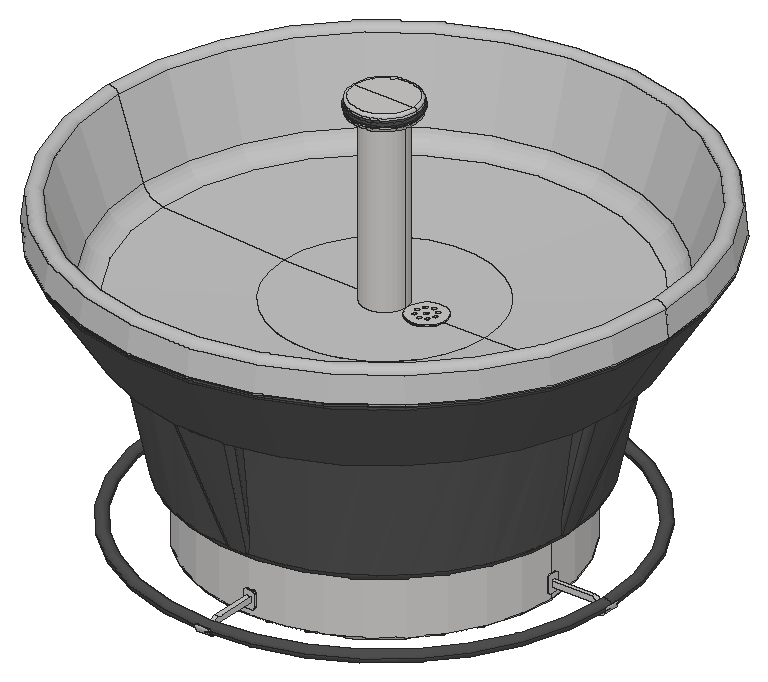
Revit family "Washfountain_Lavatory-Bradley_Corp-WF2808-Type_A_Drain", category Plumbing Fixtures, Revit 2012 (continued)
Automatic sketch dimensions
  Masking region 8 sketch curve to Masking region 8 sketch curve = 0.03075"  (x2)
  Masking region 8 sketch curve to Masking region 8 sketch curve = 0.05262"  (x4)
  Masking region 8 sketch curve to Masking region 8 sketch curve = 0.06777"  (x2)
  Masking region 8 sketch curve to curve 8 = 1.17907"
  Masking region 8 sketch curve to curve 8 = 0.84002"
  curve 8 to Masking region 8 sketch curve = 0.84002"
  curve 8 to Masking region 8 sketch curve = 1.17907"
  Masking region 8 sketch curve to Masking region 8 sketch curve = 1.96998"
  curve 8 to Masking region 8 sketch curve = 0.375"
  Masking region 8 sketch curve to curve 8 = 7.18965"
  Masking region 8 sketch curve to Masking region 8 sketch curve = 1.18965"
  Masking region 8 sketch curve to Masking region 8 sketch curve = 0.60673"  (x2)
  Masking region 8 sketch curve to Masking region 8 sketch curve = 1.250"  (x5)
  Masking region 8 sketch curve to Masking region 8 sketch curve = 0.64327"
  Masking region 8 sketch curve to Masking region 8 sketch curve = 0.625"
  curve 8 to curve 24 = 0.375"
  curve 24 to curve 8 = 3.1566"
  curve 19 to curve 24 = 0.000"  (x2)
  curve 19 to curve 20 = 0.17359"
  curve 20 to curve 21 = 0.05262"
  curve 21 to curve 22 = 0.05262"
  curve 22 to curve 23 = 0.06777"
  curve 8 to curve 23 = 2.810"
  curve 23 to curve 22 = 0.06777"
  curve 22 to curve 21 = 0.05262"
  curve 21 to curve 20 = 0.05262"
  curve 20 to curve 24 = 0.17359"
  curve 19 to curve 24 = 0.625"
  curve 20 to curve 19 = 0.64327"
  curve 21 to curve 20 = 1.250"
  curve 22 to curve 21 = 1.250"
  curve 23 to curve 22 = 1.250"
  Masking region 9 sketch curve to curve 3 = 0.000"
  Masking region 9 sketch curve to curve 3 = 0.12875"
  curve 3 to Masking region 9 sketch curve = 0.21498"
  curve 3 to Masking region 9 sketch curve = 0.215"
  Masking region 9 sketch curve to Masking region 9 sketch curve = 0.785"
  Masking region 9 sketch curve to curve 3 = 1.000"
  Masking region 9 sketch curve to curve 3 = 0.215"
  Masking region 9 sketch curve to curve 3 = 0.21498"
  curve 3 to Masking region 9 sketch curve = 0.12875"
  Masking region 9 sketch curve to curve 3 = 1.38998"  (x2)
  Masking region 9 sketch curve to curve 3 = 0.94498"  (x2)
  Masking region 9 sketch curve to curve 3 = 0.44498"  (x2)
  Masking region 10 sketch curve to curve 3 = 0.12875"
  Masking region 10 sketch curve to curve 3 = 0.035"  (x2)
  Masking region 10 sketch curve to curve 3 = 0.00002"
  curve 3 to Masking region 10 sketch curve = 0.215"  (x2)
  Masking region 10 sketch curve to Masking region 10 sketch curve = 0.785"
  Masking region 10 sketch curve to curve 3 = 1.000"
  Masking region 10 sketch curve to curve 3 = 0.215"  (x2)
  curve 3 to Masking region 10 sketch curve = 0.035"  (x2)
  Masking region 10 sketch curve to Masking region 10 sketch curve = 0.09375"
  Masking region 10 sketch curve to curve 3 = 1.38998"  (x2)
  Masking region 10 sketch curve to curve 3 = 0.94498"  (x2)
  Masking region 10 sketch curve to curve 3 = 0.53873"  (x2)
  Masking region 11 sketch curve to curve 4 = 0.000"
  Masking region 11 sketch curve to curve 4 = 0.12875"
  curve 4 to Masking region 11 sketch curve = 0.21498"
  curve 4 to Masking region 11 sketch curve = 0.215"
  Masking region 11 sketch curve to Masking region 11 sketch curve = 0.785"
  Masking region 11 sketch curve to curve 4 = 1.000"
  Masking region 11 sketch curve to curve 4 = 0.215"
  Masking region 11 sketch curve to curve 4 = 0.21498"
  curve 4 to Masking region 11 sketch curve = 0.12875"
  Masking region 11 sketch curve to curve 4 = 1.38998"  (x2)
  Masking region 11 sketch curve to curve 4 = 0.94498"  (x2)
  Masking region 11 sketch curve to curve 4 = 0.44498"  (x2)
  Masking region 12 sketch curve to curve 4 = 0.12875"
  Masking region 12 sketch curve to curve 4 = 0.035"  (x2)
  curve 4 to Masking region 12 sketch curve = 0.215"  (x2)
  Masking region 12 sketch curve to curve 4 = 0.00002"
  curve 4 to Masking region 12 sketch curve = 1.000"
  Masking region 12 sketch curve to curve 4 = 1.000"
  Masking region 12 sketch curve to curve 4 = 0.215"  (x2)
  curve 4 to Masking region 12 sketch curve = 0.035"  (x2)
  Masking region 12 sketch curve to Masking region 12 sketch curve = 0.09375"
  Masking region 12 sketch curve to curve 4 = 1.38998"  (x2)
  Masking region 12 sketch curve to curve 4 = 0.94498"  (x2)
  Masking region 12 sketch curve to curve 4 = 0.53873"  (x2)
  curve 37 to curve 4 = 0.12875"
  curve 32 to curve 4 = 0.12875"
  curve 36 to curve 4 = 0.035"
  curve 33 to curve 4 = 0.035"
  curve 4 to curve 38 = 1.000"
  curve 38 to curve 4 = 1.000"
  curve 4 to curve 35 = 0.035"
  curve 4 to curve 33 = 0.035"
  curve 33 to curve 34 = 0.09375"
  curve 35 to curve 35 = 0.09375"
  curve 38 to curve 4 = 1.38998"
  curve 37 to curve 4 = 0.94498"
  curve 34 to curve 4 = 0.44498"
  Revolve 7 sketch curve to curve 5 = 0.000"
  curve 5 to Revolve 7 sketch curve = 1.000"
  curve 5 to Revolve 7 sketch curve = 0.89718"
  Revolve 7 sketch curve to curve 5 = 0.64632"
  Revolve 7 sketch curve to Revolve 7 sketch curve = 0.17678"
  Revolve 7 sketch curve to Revolve 7 sketch curve = 0.000"  (x5)
  Revolve 7 sketch curve to Revolve 7 sketch curve = 0.60355"
  Revolve 7 sketch curve to Revolve 7 sketch curve = 0.176"
  curve 5 to Revolve 7 sketch curve = 0.34072"
  Revolve 7 sketch curve to curve 5 = 1.44037"
  Revolve 7 sketch curve to Revolve 7 sketch curve = 0.01575"
  Revolve 7 sketch curve to Revolve 7 sketch curve = 0.074"
  Revolve 7 sketch curve to Revolve 7 sketch curve = 0.0755"
  Revolve 7 sketch curve to curve 5 = 2.78252"
  Revolve 7 sketch curve to curve 5 = 39.99275"
  Revolve 7 sketch curve to Revolve 7 sketch curve = 0.07322"
  Revolve 7 sketch curve to Revolve 7 sketch curve = 0.60277"
  Revolve 7 sketch curve to Revolve 7 sketch curve = 0.22469"
  Revolve 7 sketch curve to Revolve 7 sketch curve = 1.19454"
  Revolve 8 sketch curve to curve 5 = 0.000"
  curve 5 to Revolve 8 sketch curve = 1.000"
  Revolve 8 sketch curve to curve 5 = 0.75025"
  Revolve 8 sketch curve to Revolve 8 sketch curve = 0.82512"  (x2)
  Revolve 8 sketch curve to Revolve 8 sketch curve = 0.000"
  Revolve 8 sketch curve to Revolve 8 sketch curve = 0.71918"
  Revolve 8 sketch curve to Revolve 8 sketch curve = 1.30001"
  Masking region 13 sketch curve to curve 5 = 0.000"
  Masking region 13 sketch curve to curve 5 = 1.5755"
  Masking region 13 sketch curve to curve 5 = 0.750"
  curve 5 to Masking region 13 sketch curve = 1.000"
  Masking region 13 sketch curve to curve 5 = 1.000"
  curve 5 to Masking region 13 sketch curve = 0.75025"
  curve 5 to Masking region 13 sketch curve = 1.57537"
  Masking region 13 sketch curve to Masking region 13 sketch curve = 0.8255"
  Masking region 13 sketch curve to Masking region 13 sketch curve = 0.82512"
  Masking region 14 sketch curve to curve 5 = 0.000"
  Masking region 14 sketch curve to curve 5 = 1.57537"
  Masking region 14 sketch curve to Masking region 14 sketch curve = 0.0755"  (x2)
  Masking region 14 sketch curve to Masking region 14 sketch curve = 0.11925"
  Masking region 14 sketch curve to Masking region 14 sketch curve = 0.000"  (x7)
  Masking region 14 sketch curve to Masking region 14 sketch curve = 0.01575"  (x2)
  Masking region 14 sketch curve to Masking region 14 sketch curve = 0.074"  (x2)
  Masking region 14 sketch curve to Masking region 14 sketch curve = 0.176"  (x2)
  Masking region 14 sketch curve to curve 5 = 0.82309"
  Masking region 14 sketch curve to Masking region 14 sketch curve = 0.17678"  (x2)
  curve 5 to Masking region 14 sketch curve = 0.89718"
  curve 5 to Masking region 14 sketch curve = 1.000"
  curve 5 to Masking region 14 sketch curve = 2.78252"
  Masking region 14 sketch curve to Masking region 14 sketch curve = 0.43497"
  Masking region 14 sketch curve to curve 5 = 1.000"
  Masking region 14 sketch curve to curve 5 = 0.89718"
  curve 5 to Masking region 14 sketch curve = 0.64632"
  Masking region 14 sketch curve to Masking region 14 sketch curve = 0.60355"
  curve 5 to Masking region 14 sketch curve = 0.34072"
  curve 5 to Masking region 14 sketch curve = 1.44037"
  Masking region 14 sketch curve to curve 5 = 39.99275"
  Masking region 14 sketch curve to Masking region 14 sketch curve = 0.07322"  (x2)
  Masking region 14 sketch curve to Masking region 14 sketch curve = 0.60277"  (x2)
  Masking region 14 sketch curve to Masking region 14 sketch curve = 0.3591"
  Masking region 14 sketch curve to Masking region 14 sketch curve = 0.22469"
  Masking region 14 sketch curve to Masking region 14 sketch curve = 0.13441"
  curve 252 to curve 5 = 23.7889"
  curve 40 to curve 5 = 1.5755"
  curve 5 to curve 39 = 0.56541"
  curve 40 to curve 39 = 0.07563"
  curve 5 to curve 41 = 1.000"
  curve 41 to curve 5 = 1.000"
  curve 5 to curve 39 = 1.49987"
  curve 39 to curve 40 = 0.0755"
  curve 5 to curve 252 = 23.7906"
  curve 41 to curve 5 = 2.84038"
  curve 40 to curve 39 = 1.44948"
  Masking region 15 sketch curve to curve 6 = 0.000"
  Masking region 15 sketch curve to curve 6 = 1.57537"
  Masking region 15 sketch curve to curve 6 = 0.74987"
  curve 6 to Masking region 15 sketch curve = 1.000"
  Masking region 15 sketch curve to curve 6 = 1.000"
  curve 6 to Masking region 15 sketch curve = 0.75025"
  curve 6 to Masking region 15 sketch curve = 1.57537"
  Masking region 15 sketch curve to Masking region 15 sketch curve = 0.82512"
  Masking region 15 sketch curve to Masking region 15 sketch curve = 0.8255"
  Masking region 16 sketch curve to curve 6 = 0.000"
  Masking region 16 sketch curve to curve 6 = 1.57537"
  Masking region 16 sketch curve to Masking region 16 sketch curve = 0.0755"  (x2)
  Masking region 16 sketch curve to Masking region 16 sketch curve = 0.11925"
  Masking region 16 sketch curve to Masking region 16 sketch curve = 0.000"  (x7)
  Masking region 16 sketch curve to Masking region 16 sketch curve = 0.135"
  Masking region 16 sketch curve to Masking region 16 sketch curve = 0.074"
  Masking region 16 sketch curve to Masking region 16 sketch curve = 0.176"  (x2)
  Masking region 16 sketch curve to curve 6 = 0.82309"
  Masking region 16 sketch curve to Masking region 16 sketch curve = 0.17678"  (x2)
  curve 6 to Masking region 16 sketch curve = 0.89718"
  curve 6 to Masking region 16 sketch curve = 1.000"
  curve 6 to Masking region 16 sketch curve = 2.78252"
  Masking region 16 sketch curve to Masking region 16 sketch curve = 0.43497"
  Masking region 16 sketch curve to curve 6 = 1.000"
  Masking region 16 sketch curve to curve 6 = 0.89718"
  curve 6 to Masking region 16 sketch curve = 0.64632"
  Masking region 16 sketch curve to Masking region 16 sketch curve = 0.60355"
  curve 6 to Masking region 16 sketch curve = 0.34072"
  curve 6 to Masking region 16 sketch curve = 1.44037"
  Masking region 16 sketch curve to Masking region 16 sketch curve = 0.01575"
  Masking region 16 sketch curve to Masking region 16 sketch curve = 0.0595"
  Masking region 16 sketch curve to curve 6 = 39.99275"
  Masking region 16 sketch curve to Masking region 16 sketch curve = 0.07322"  (x2)
  Masking region 16 sketch curve to Masking region 16 sketch curve = 0.60277"  (x2)
  Masking region 16 sketch curve to Masking region 16 sketch curve = 0.3591"
  Masking region 16 sketch curve to Masking region 16 sketch curve = 0.22469"
  Masking region 16 sketch curve to Masking region 16 sketch curve = 0.13441"
  curve 43 to curve 6 = 1.57537"
  curve 6 to curve 42 = 0.56541"
  curve 43 to curve 42 = 0.0755"
  curve 6 to curve 44 = 1.000"
  curve 44 to curve 6 = 1.000"
  curve 6 to curve 42 = 1.49987"
  curve 42 to curve 43 = 0.0755"
  curve 43 to curve 42 = 1.44948"
  curve 44 to curve 6 = 2.840"
  curve 136 to curve 137 = 0.000"  (x2)
  curve 136 to curve 138 = 0.000"  (x2)
  curve 137 to curve 138 = 0.000"  (x2)
  curve 147 to curve 251 = 0.000"  (x2)
  curve 141 to plane 1 "Center (Front/Back)" = 0.000"
  curve 138 to plane 1 "Center (Front/Back)" = 0.000"
  curve 145 to plane 1 "Center (Front/Back)" = 0.000"
  curve 251 to plane 1 "Center (Front/Back)" = 0.000"
  curve 251 to plane 3 "Center (Left/Right)" = 0.000"
  curve 145 to curve 147 = 3.12229"
  curve 144 to curve 145 = 0.25708"
  curve 146 to curve 145 = 0.25708"
  curve 143 to curve 144 = 0.62063"
  curve 136 to curve 146 = 0.62063"
  curve 139 to curve 146 = 0.62063"
  curve 142 to curve 143 = 0.62063"
  curve 140 to curve 139 = 0.62063"
  curve 141 to curve 140 = 0.25708"
  curve 140 to plane 1 "Center (Front/Back)" = 0.62063"
  curve 146 to plane 1 "Center (Front/Back)" = 0.62063"
  curve 139 to curve 146 = 0.25708"
  plane 1 "Center (Front/Back)" to curve 142 = 0.62063"
  plane 1 "Center (Front/Back)" to curve 144 = 0.62063"
  curve 144 to curve 143 = 0.25708"
  Masking region 18 sketch curve to plane 1 "Center (Front/Back)" = 0.000"
  Masking region 18 sketch curve to plane 3 "Center (Left/Right)" = 0.000"
  curve 45 to plane 1 "Center (Front/Back)" = 0.000"
  curve 45 to plane 3 "Center (Left/Right)" = 0.000"
  Masking region 19 sketch curve to plane 1 "Center (Front/Back)" = 0.000"
  Masking region 19 sketch curve to plane 3 "Center (Left/Right)" = 0.000"
  curve 46 to plane 1 "Center (Front/Back)" = 0.000"
  curve 46 to plane 3 "Center (Left/Right)" = 0.000"
  Masking region 20 sketch curve to plane 1 "Center (Front/Back)" = 0.000"
  Masking region 20 sketch curve to plane 3 "Center (Left/Right)" = 0.000"
  curve 47 to plane 1 "Center (Front/Back)" = 0.000"
  curve 47 to plane 3 "Center (Left/Right)" = 0.000"
  curve 244 to plane 1 "Center (Front/Back)" = 2.2644"
  plane 3 "Center (Left/Right)" to curve 244 = 7.0783"
  curve 244 to curve 250 = 1.51551"
  curve 250 to curve 246 = 0.06253"
  curve 245 to curve 246 = 0.000"  (x2)
  plane 3 "Center (Left/Right)" to curve 244 = 1.57842"
  curve 248 to plane 3 "Center (Left/Right)" = 0.06259"
  curve 243 to plane 3 "Center (Left/Right)" = 1.57814"
  curve 246 to plane 3 "Center (Left/Right)" = 5.500"
  curve 246 to curve 249 = 0.06259"
  curve 243 to plane 1 "Center (Front/Back)" = 2.26429"
  curve 248 to curve 243 = 1.51554"
  curve 250 to curve 244 = 0.87478"
  curve 249 to curve 243 = 0.875"
  curve 250 to curve 250 = 0.06779"
  curve 245 to curve 246 = 1.750"
  plane 1 "Center (Front/Back)" to curve 248 = 6.38699"
  curve 248 to curve 243 = 0.875"
  curve 248 to curve 244 = 0.87526"
  Masking region 21 sketch curve to plane 1 "Center (Front/Back)" = 0.000"
  Masking region 21 sketch curve to plane 3 "Center (Left/Right)" = 0.000"
  plane 3 "Center (Left/Right)" to Masking region 21 sketch curve = 0.06279"
  plane 3 "Center (Left/Right)" to Masking region 21 sketch curve = 3.52689"
  plane 3 "Center (Left/Right)" to Masking region 21 sketch curve = 5.50026"
  Masking region 21 sketch curve to plane 1 "Center (Front/Back)" = 3.13918"
  Masking region 21 sketch curve to Masking region 21 sketch curve = 0.06253"
  Masking region 21 sketch curve to plane 1 "Center (Front/Back)" = 1.13918"
  Masking region 21 sketch curve to Masking region 21 sketch curve = 3.4641"  (x2)
  Masking region 21 sketch curve to plane 3 "Center (Left/Right)" = 0.06259"
  Masking region 21 sketch curve to plane 3 "Center (Left/Right)" = 3.5267"
  Masking region 21 sketch curve to plane 3 "Center (Left/Right)" = 5.500"
  Masking region 21 sketch curve to plane 1 "Center (Front/Back)" = 3.13929"
  Masking region 21 sketch curve to Masking region 21 sketch curve = 0.06259"
  Masking region 21 sketch curve to plane 1 "Center (Front/Back)" = 1.13929"
  Masking region 21 sketch curve to Masking region 21 sketch curve = 0.06767"
  Masking region 21 sketch curve to Masking region 21 sketch curve = 0.06779"
  Masking region 21 sketch curve to Masking region 21 sketch curve = 4.000"
  Extrusion 9 sketch curve to plane 8 "Towel Dispenser" = 0.000"
  Extrusion 9 sketch curve to Extrusion 9 sketch curve = 2.250"
  Extrusion 9 sketch curve to plane 1 "Center (Front/Back)" = 3.20696"
  Extrusion 10 sketch curve to Extrusion 10 sketch curve = 2.250"
  Extrusion 10 sketch curve to Extrusion 10 sketch curve = 4.000"
  Extrusion 11 sketch curve to plane 8 "Towel Dispenser" = 0.000"
  Extrusion 11 sketch curve to Extrusion 11 sketch curve = 1.750"
  Extrusion 11 sketch curve to Extrusion 11 sketch curve = 2.250"
  Split face 1 sketch curve to Extrusion 9 = 0.56845"
  Split face 1 sketch curve to Split face 1 sketch curve = 0.750"
  Split face 1 sketch curve to Extrusion 9 = 1.500"  (x2)
  Split face 2 sketch curve to Extrusion 10 = 0.56845"
  Split face 2 sketch curve to Split face 2 sketch curve = 0.750"
  Split face 2 sketch curve to Extrusion 10 = 1.70359"
  Split face 2 sketch curve to Extrusion 10 = 1.29641"
  Split face 3 sketch curve to Extrusion 11 = 0.56851"
  Split face 3 sketch curve to Split face 3 sketch curve = 0.750"
  Split face 3 sketch curve to Extrusion 11 = 1.500"  (x2)
  curve 101 to Extrusion 9 = 0.000"  (x3)
  curve 99 to Extrusion 9 = 2.60156"
  curve 99 to curve 99 = 1.000"
  Extrusion 9 to curve 99 = 1.95703"
  curve 51 to Extrusion 10 = 0.000"  (x3)
  curve 100 to Extrusion 10 = 2.60156"
  curve 100 to curve 100 = 1.000"
  Extrusion 10 to curve 100 = 1.95703"
  curve 52 to Extrusion 11 = 0.000"  (x3)
  curve 98 to Extrusion 11 = 2.60156"
  curve 98 to curve 98 = 1.000"
  Extrusion 11 to curve 98 = 1.95703"
  Masking region 22 sketch curve to curve 9 = 0.000"  (x2)
  Masking region 22 sketch curve to curve 9 = 1.37502"  (x2)
  Masking region 22 sketch curve to curve 9 = 6.02676"
  Masking region 22 sketch curve to Masking region 22 sketch curve = 1.94856"
  Masking region 22 sketch curve to curve 9 = 2.56266"
  curve 9 to Masking region 22 sketch curve = 1.000"  (x2)
  Masking region 22 sketch curve to curve 9 = 1.000"  (x2)
  curve 9 to Masking region 22 sketch curve = 2.56273"
  curve 9 to Masking region 22 sketch curve = 4.0783"
  Masking region 22 sketch curve to Masking region 22 sketch curve = 3.46415"
  curve 9 to Masking region 22 sketch curve = 14.62567"  (x2)
  curve 9 to Masking region 22 sketch curve = 15.313"  (x2)
  Masking region 22 sketch curve to Masking region 22 sketch curve = 1.000"
  curve 131 to curve 53 = 0.000"
  curve 75 to curve 53 = 6.02688"
  curve 55 to curve 53 = 1.37502"
  curve 55 to curve 53 = 6.02688"
  curve 66 to curve 74 = 1.06133"
  curve 74 to curve 71 = 0.10866"
  curve 74 to curve 74 = 0.55423"  (x2)
  curve 74 to curve 53 = 0.29645"
  curve 73 to curve 55 = 0.4715"
  curve 103 to curve 53 = 1.50547"
  curve 71 to curve 55 = 0.32995"
  curve 72 to curve 53 = 0.30272"
  curve 53 to curve 72 = 0.2515"
  curve 73 to curve 72 = 0.10866"
  curve 53 to curve 132 = 1.000"
  curve 72 to curve 131 = 0.63984"
  curve 131 to curve 64 = 0.42158"
  curve 132 to curve 57 = 1.93715"
  curve 61 to curve 62 = 0.12538"
  curve 63 to curve 53 = 1.42193"
  curve 63 to curve 131 = 0.42193"
  curve 132 to curve 53 = 1.000"
  curve 69 to curve 53 = 0.14845"
  curve 53 to curve 70 = 0.40577"
  curve 53 to curve 54 = 0.52663"
  curve 54 to curve 70 = 0.43336"
  curve 67 to curve 70 = 0.10867"
  curve 53 to curve 54 = 3.2767"
  curve 68 to curve 53 = 0.33668"
  curve 54 to curve 68 = 0.46463"
  curve 68 to curve 68 = 0.10867"
  curve 69 to curve 68 = 0.55422"
  curve 68 to curve 68 = 0.55422"
  curve 102 to curve 65 = 0.97852"
  curve 56 to curve 58 = 5.50013"
  curve 55 to curve 53 = 10.37498"
  curve 54 to curve 53 = 10.37498"
  curve 68 to curve 68 = 0.04026"
  curve 73 to curve 72 = 0.04026"
  curve 68 to curve 54 = 1.03834"
  curve 53 to curve 103 = 3.97659"
  curve 65 to curve 102 = 2.60156"
  curve 103 to curve 103 = 1.000"
  curve 102 to curve 102 = 1.000"
  curve 53 to curve 59 = 14.62567"
  curve 53 to curve 60 = 14.62567"
  curve 53 to curve 61 = 15.313"
  curve 78 to curve 76 = 0.000"
  curve 77 to curve 76 = 0.000"
  curve 85 to curve 76 = 2.50026"
  curve 82 to curve 76 = 0.29642"
  curve 82 to curve 76 = 1.00026"
  curve 104 to curve 76 = 0.54323"
  curve 82 to curve 76 = 0.25026"
  curve 85 to curve 76 = 1.37502"
  curve 76 to curve 85 = 2.99987"
  curve 76 to curve 84 = 1.000"
  curve 84 to curve 84 = 0.750"
  curve 83 to curve 84 = 0.39109"
  curve 80 to curve 85 = 0.000"
  curve 76 to curve 104 = 3.97659"
  curve 76 to curve 104 = 4.97659"
  curve 76 to curve 79 = 14.62567"
  curve 79 to curve 77 = 0.68733"
  curve 79 to curve 78 = 0.68733"
  Masking region 23 sketch curve to curve 10 = 0.000"
  Masking region 23 sketch curve to curve 10 = 4.20696"
  Masking region 23 sketch curve to curve 10 = 1.95696"
  Masking region 23 sketch curve to curve 10 = 0.20696"
  curve 10 to Masking region 23 sketch curve = 1.000"
  Masking region 23 sketch curve to curve 10 = 1.000"
  curve 10 to Masking region 23 sketch curve = 3.3871"
  curve 10 to Masking region 23 sketch curve = 4.2621"
  Masking region 23 sketch curve to Masking region 23 sketch curve = 2.000"
  Masking region 23 sketch curve to curve 10 = 1.37502"  (x2)
  curve 10 to Masking region 23 sketch curve = 14.62567"  (x2)
  Masking region 23 sketch curve to Masking region 23 sketch curve = 0.68733"
  curve 10 to Masking region 23 sketch curve = 15.313"
  curve 10 to Masking region 23 sketch curve = 16.313"
  curve 86 to curve 10 = 0.000"
  curve 87 to curve 10 = 0.000"
  curve 91 to curve 10 = 0.000"
  curve 86 to curve 10 = 0.20696"
  curve 86 to curve 87 = 0.06756"
  curve 10 to curve 91 = 0.7356"
  curve 10 to curve 134 = 1.750"
  curve 134 to curve 90 = 0.1106"
  curve 89 to curve 95 = 0.01928"
  curve 95 to curve 96 = 0.39728"
  curve 95 to curve 95 = 0.31998"  (x2)
  curve 133 to curve 10 = 2.44456"
  curve 134 to curve 10 = 1.750"
  curve 10 to curve 93 = 0.62385"
  curve 96 to curve 10 = 0.29642"
  curve 96 to curve 92 = 2.18152"
  curve 96 to curve 97 = 0.31998"
  curve 97 to curve 94 = 0.31998"
  curve 94 to curve 97 = 0.39728"
  curve 10 to curve 90 = 5.3871"
  curve 93 to curve 10 = 10.37498"
  curve 95 to curve 95 = 0.17193"
  curve 10 to curve 93 = 1.37502"
  curve 10 to curve 133 = 3.97659"
  curve 133 to curve 133 = 1.000"
  curve 10 to curve 89 = 14.62567"
  curve 10 to curve 87 = 15.313"
  curve 86 to curve 87 = 0.000"
  curve 88 to curve 134 = 0.68733"
  Extrusion 12 sketch curve to plane 1 "Center (Front/Back)" = 0.000"
  Extrusion 12 sketch curve to plane 3 "Center (Left/Right)" = 0.000"
  curve 5 to Masking region 24 sketch curve = 3.500"
  curve 5 to Masking region 24 sketch curve = 1.000"
  Masking region 24 sketch curve to curve 5 = 1.000"
  Masking region 25 sketch curve to plane 10 "Sensor Module" = 3.500"
  Masking region 25 sketch curve to plane 1 "Center (Front/Back)" = 2.000"
  plane 1 "Center (Front/Back)" to Masking region 25 sketch curve = 2.000"
  Extrusion 13 sketch curve to plane 1 "Center (Front/Back)" = 0.000"
  Extrusion 13 sketch curve to plane 3 "Center (Left/Right)" = 0.000"
  Extrusion 14 sketch curve to Extrusion 14 sketch curve = 0.000"  (x2)
  Extrusion 14 sketch curve to plane 1 "Center (Front/Back)" = 0.000"
  Extrusion 14 sketch curve to plane 3 "Center (Left/Right)" = 0.000"
  plane 3 "Center (Left/Right)" to Extrusion 14 sketch curve = 0.06295"
  Extrusion 14 sketch curve to Extrusion 14 sketch curve = 2.000"
  Extrusion 14 sketch curve to Extrusion 14 sketch curve = 3.50026"
  Extrusion 14 sketch curve to Extrusion 14 sketch curve = 0.06243"
  Extrusion 14 sketch curve to plane 3 "Center (Left/Right)" = 0.06259"
  Extrusion 14 sketch curve to Extrusion 14 sketch curve = 3.500"
  Extrusion 14 sketch curve to Extrusion 14 sketch curve = 0.06259"
  Extrusion 14 sketch curve to plane 1 "Center (Front/Back)" = 3.13929"  (x2)
  Extrusion 14 sketch curve to Extrusion 14 sketch curve = 0.06767"
  plane 1 "Center (Front/Back)" to Extrusion 14 sketch curve = 6.38699"
  Extrusion 14 sketch curve to Extrusion 14 sketch curve = 0.00011"
  Extrusion 15 sketch curve to Extrusion 15 sketch curve = 0.000"  (x2)
  Extrusion 15 sketch curve to plane 1 "Center (Front/Back)" = 0.000"
  Extrusion 15 sketch curve to plane 3 "Center (Left/Right)" = 0.000"
  plane 3 "Center (Left/Right)" to Extrusion 15 sketch curve = 0.06295"
  Extrusion 15 sketch curve to Extrusion 15 sketch curve = 2.000"
  Extrusion 15 sketch curve to Extrusion 15 sketch curve = 3.50026"
  Extrusion 15 sketch curve to Extrusion 15 sketch curve = 0.06243"
  Extrusion 15 sketch curve to plane 3 "Center (Left/Right)" = 0.06259"
  Extrusion 15 sketch curve to Extrusion 15 sketch curve = 3.500"
  Extrusion 15 sketch curve to Extrusion 15 sketch curve = 0.06259"
  Extrusion 15 sketch curve to plane 1 "Center (Front/Back)" = 3.13929"  (x2)
  Extrusion 15 sketch curve to Extrusion 15 sketch curve = 0.06767"
  plane 1 "Center (Front/Back)" to Extrusion 15 sketch curve = 6.38699"
  Extrusion 15 sketch curve to Extrusion 15 sketch curve = 0.00011"
  Sweep 16 sketch curve to profile plane = 0.000"
  profile plane to Sweep 16 sketch curve = 1.425"
  Extrusion 17 sketch curve to Extrusion 17 sketch curve = 0.000"  (x10)
  level to Extrusion 17 sketch curve = 1.57969"
  plane 4 "Left" to Extrusion 17 sketch curve = 5.42032"
  Extrusion 17 sketch curve to Extrusion 17 sketch curve = 0.04831"  (x2)
  Extrusion 17 sketch curve to Extrusion 17 sketch curve = 0.48307"  (x2)
  Extrusion 17 sketch curve to Extrusion 17 sketch curve = 0.48846"  (x2)
  Extrusion 17 sketch curve to Extrusion 17 sketch curve = 0.04885"  (x2)
  level to Extrusion 17 sketch curve = 1.55302"
  Extrusion 17 sketch curve to plane 5 "Right" = 6.58615"
  Extrusion 17 sketch curve to Extrusion 17 sketch curve = 0.02667"
  Extrusion 17 sketch curve to Extrusion 17 sketch curve = 0.01068"
  Extrusion 18 sketch curve to Extrusion 18 sketch curve = 0.000"  (x10)
  level to Extrusion 18 sketch curve = 1.57982"
  plane 6 "Front" to Extrusion 18 sketch curve = 5.42032"
  Extrusion 18 sketch curve to Extrusion 18 sketch curve = 0.04831"  (x2)
  Extrusion 18 sketch curve to Extrusion 18 sketch curve = 0.48307"  (x2)
  Extrusion 18 sketch curve to Extrusion 18 sketch curve = 0.48846"  (x2)
  Extrusion 18 sketch curve to Extrusion 18 sketch curve = 0.04885"  (x2)
  level to Extrusion 18 sketch curve = 1.55315"
  Extrusion 18 sketch curve to plane 7 "Back" = 6.58615"
  Extrusion 18 sketch curve to Extrusion 18 sketch curve = 0.03735"
  Extrusion 18 sketch curve to Extrusion 18 sketch curve = 0.01068"
  Extrusion 19 sketch curve to Extrusion 19 sketch curve = 0.000"  (x6)
  level to Extrusion 19 sketch curve = 0.82503"  (x2)
  plane 4 "Left" to Extrusion 19 sketch curve = 6.000"
  Extrusion 19 sketch curve to Extrusion 19 sketch curve = 0.19771"  (x2)
  Extrusion 19 sketch curve to Extrusion 19 sketch curve = 0.600"
  Extrusion 19 sketch curve to Extrusion 19 sketch curve = 0.45214"  (x2)
  Extrusion 19 sketch curve to Extrusion 19 sketch curve = 0.14125"  (x2)
  Extrusion 19 sketch curve to Extrusion 19 sketch curve = 3.76201"
  level to Extrusion 19 sketch curve = 1.26725"
  Extrusion 19 sketch curve to plane 5 "Right" = 10.95544"
  Extrusion 19 sketch curve to Extrusion 19 sketch curve = 3.76205"
  Extrusion 19 sketch curve to Extrusion 19 sketch curve = 0.40229"
  Extrusion 19 sketch curve to Extrusion 19 sketch curve = 0.34334"
  Extrusion 20 sketch curve to Extrusion 20 sketch curve = 0.000"  (x6)
  level to Extrusion 20 sketch curve = 0.82997"
  plane 6 "Front" to Extrusion 20 sketch curve = 5.99907"
  Extrusion 20 sketch curve to Extrusion 20 sketch curve = 0.19771"  (x2)
  Extrusion 20 sketch curve to Extrusion 20 sketch curve = 0.600"
  Extrusion 20 sketch curve to Extrusion 20 sketch curve = 0.45214"  (x2)
  Extrusion 20 sketch curve to Extrusion 20 sketch curve = 0.14125"  (x2)
  Extrusion 20 sketch curve to Extrusion 20 sketch curve = 3.76296"
  level to Extrusion 20 sketch curve = 1.77219"
  Extrusion 20 sketch curve to plane 7 "Back" = 10.95714"
  level to Extrusion 20 sketch curve = 1.27219"
  Extrusion 20 sketch curve to Extrusion 20 sketch curve = 3.76468"
  Extrusion 20 sketch curve to Extrusion 20 sketch curve = 0.40229"
  Extrusion 20 sketch curve to Extrusion 20 sketch curve = 0.34334"
  plane 1 "Center (Front/Back)" to Extrusion 21 sketch curve = 0.49499"
  plane 1 "Center (Front/Back)" to Extrusion 21 sketch curve = 0.24499"  (x2)
  plane 1 "Center (Front/Back)" to Extrusion 21 sketch curve = 0.23845"
  Extrusion 21 sketch curve to plane 1 "Center (Front/Back)" = 0.24214"
  Extrusion 21 sketch curve to plane 1 "Center (Front/Back)" = 0.25501"  (x2)
  Extrusion 21 sketch curve to Extrusion 21 sketch curve = 0.250"
  level to Extrusion 21 sketch curve = 0.70961"
  Extrusion 21 sketch curve to Extrusion 21 sketch curve = 0.2684"  (x2)
  Extrusion 21 sketch curve to Extrusion 21 sketch curve = 0.5882"
  plane 1 "Center (Front/Back)" to Extrusion 22 sketch curve = 0.50501"
  plane 1 "Center (Front/Back)" to Extrusion 22 sketch curve = 0.25501"  (x2)
  plane 1 "Center (Front/Back)" to Extrusion 22 sketch curve = 0.24214"
  Extrusion 22 sketch curve to plane 1 "Center (Front/Back)" = 0.23845"
  Extrusion 22 sketch curve to plane 1 "Center (Front/Back)" = 0.24499"  (x2)
  Extrusion 22 sketch curve to Extrusion 22 sketch curve = 0.250"
  level to Extrusion 22 sketch curve = 0.70961"
  Extrusion 22 sketch curve to Extrusion 22 sketch curve = 0.2684"  (x2)
  Extrusion 22 sketch curve to Extrusion 22 sketch curve = 0.5882"
  Extrusion 23 sketch curve to plane 3 "Center (Left/Right)" = 0.50501"
  Extrusion 23 sketch curve to plane 3 "Center (Left/Right)" = 0.25501"  (x2)
  Extrusion 23 sketch curve to plane 3 "Center (Left/Right)" = 0.24214"
  plane 3 "Center (Left/Right)" to Extrusion 23 sketch curve = 0.23845"
  plane 3 "Center (Left/Right)" to Extrusion 23 sketch curve = 0.24499"  (x2)
  Extrusion 23 sketch curve to Extrusion 23 sketch curve = 0.250"
  level to Extrusion 23 sketch curve = 0.70961"
  Extrusion 23 sketch curve to Extrusion 23 sketch curve = 0.2684"  (x2)
  Extrusion 23 sketch curve to Extrusion 23 sketch curve = 0.5882"
  Extrusion 24 sketch curve to plane 3 "Center (Left/Right)" = 0.49499"
  Extrusion 24 sketch curve to plane 3 "Center (Left/Right)" = 0.24499"  (x2)
  Extrusion 24 sketch curve to plane 3 "Center (Left/Right)" = 0.23845"
  plane 3 "Center (Left/Right)" to Extrusion 24 sketch curve = 0.24214"
  plane 3 "Center (Left/Right)" to Extrusion 24 sketch curve = 0.25501"  (x2)
  Extrusion 24 sketch curve to Extrusion 24 sketch curve = 0.250"
  level to Extrusion 24 sketch curve = 0.70961"
  Extrusion 24 sketch curve to Extrusion 24 sketch curve = 0.2684"  (x2)
  Extrusion 24 sketch curve to Extrusion 24 sketch curve = 0.5882"
  level to Masking region 26 sketch curve = 1.57969"
  plane 4 "Left" to Masking region 26 sketch curve = 5.42032"
  Masking region 26 sketch curve to Masking region 26 sketch curve = 0.000"  (x4)
  Masking region 26 sketch curve to Masking region 26 sketch curve = 0.04831"  (x2)
  Masking region 26 sketch curve to Masking region 26 sketch curve = 0.04873"  (x2)
  Masking region 26 sketch curve to Masking region 26 sketch curve = 0.48264"  (x2)
  Masking region 26 sketch curve to Masking region 26 sketch curve = 0.00088"
  Masking region 26 sketch curve to Masking region 26 sketch curve = 0.19771"  (x2)
  Masking region 26 sketch curve to Masking region 26 sketch curve = 0.69685"  (x2)
  Masking region 26 sketch curve to plane 3 "Center (Left/Right)" = 0.670"
  Masking region 26 sketch curve to plane 3 "Center (Left/Right)" = 0.50501"
  Masking region 26 sketch curve to Masking region 26 sketch curve = 0.20433"  (x2)
  Masking region 26 sketch curve to Masking region 26 sketch curve = 0.21066"  (x2)
  Masking region 26 sketch curve to plane 3 "Center (Left/Right)" = 0.25501"
  plane 3 "Center (Left/Right)" to Masking region 26 sketch curve = 0.25501"  (x2)
  Masking region 26 sketch curve to Masking region 26 sketch curve = 0.250"
  level to Masking region 26 sketch curve = 0.925"
  Masking region 26 sketch curve to plane 5 "Right" = 6.69772"
  Masking region 26 sketch curve to Masking region 26 sketch curve = 0.50002"
  Masking region 26 sketch curve to Masking region 26 sketch curve = 0.100"
  level to Masking region 26 sketch curve = 0.825"
  Masking region 26 sketch curve to Masking region 26 sketch curve = 0.10013"  (x2)
  level to Masking region 26 sketch curve = 0.82487"
  Masking region 26 sketch curve to Masking region 26 sketch curve = 0.11539"
  Masking region 26 sketch curve to Masking region 26 sketch curve = 0.50506"
  Masking region 26 sketch curve to Masking region 26 sketch curve = 0.00013"  (x2)
  Masking region 26 sketch curve to Masking region 26 sketch curve = 0.15961"
  curve 112 to curve 113 = 0.000"  (x2)
  curve 115 to curve 116 = 0.000"  (x2)
  curve 169 to plane 3 "Center (Left/Right)" = 0.000"
  curve 167 to plane 3 "Center (Left/Right)" = 0.12584"
  curve 110 to plane 3 "Center (Left/Right)" = 0.46567"
  curve 111 to plane 3 "Center (Left/Right)" = 0.50501"
  curve 182 to plane 3 "Center (Left/Right)" = 0.56801"
  curve 171 to plane 3 "Center (Left/Right)" = 0.59234"
  curve 170 to plane 3 "Center (Left/Right)" = 0.59234"
  curve 107 to curve 110 = 0.20433"
  curve 189 to plane 3 "Center (Left/Right)" = 0.96355"
  curve 155 to curve 182 = 0.39773"
  curve 197 to curve 156 = 0.00604"
  curve 157 to curve 166 = 0.11963"
  curve 165 to curve 165 = 0.1244"
  curve 254 to curve 107 = 1.30389"
  curve 164 to curve 165 = 0.97433"
  curve 163 to curve 164 = 0.01354"
  curve 162 to curve 164 = 0.12928"
  curve 157 to curve 162 = 0.00342"
  curve 195 to curve 163 = 0.13525"
  plane 4 "Left" to curve 188 = 11.1054"
  curve 154 to curve 188 = 1.57573"
  curve 155 to curve 154 = 0.01774"
  curve 154 to curve 155 = 0.13012"
  level to curve 114 = 0.925"
  curve 114 to curve 154 = 2.83195"
  curve 113 to curve 114 = 0.36586"
  plane 4 "Left" to curve 162 = 6.1621"
  curve 199 to curve 153 = 0.07125"
  curve 112 to curve 113 = 0.32043"
  curve 113 to curve 114 = 0.01056"
  curve 113 to curve 112 = 0.01143"
  curve 161 to curve 199 = 0.15811"
  curve 112 to curve 112 = 0.48307"
  curve 160 to curve 161 = 0.93351"
  plane 3 "Center (Left/Right)" to curve 191 = 0.07846"
  curve 191 to curve 184 = 0.07846"
  curve 184 to curve 184 = 0.12584"
  plane 3 "Center (Left/Right)" to curve 110 = 0.46567"
  plane 3 "Center (Left/Right)" to curve 111 = 0.50501"
  curve 111 to curve 108 = 0.16499"
  plane 3 "Center (Left/Right)" to curve 166 = 0.72492"
  plane 3 "Center (Left/Right)" to curve 186 = 0.74925"
  plane 3 "Center (Left/Right)" to curve 185 = 0.74925"
  plane 3 "Center (Left/Right)" to curve 190 = 1.11807"
  curve 166 to curve 173 = 0.39773"
  curve 190 to curve 198 = 0.01062"
  curve 159 to curve 198 = 0.11963"
  curve 181 to curve 181 = 0.1244"
  curve 109 to curve 255 = 1.30389"
  curve 181 to curve 180 = 0.97433"
  curve 180 to curve 180 = 0.01354"
  curve 180 to curve 178 = 0.12928"
  curve 178 to curve 196 = 0.00342"
  curve 179 to curve 196 = 0.13328"
  curve 188 to plane 5 "Right" = 11.0625"
  curve 188 to curve 192 = 1.55723"
  curve 172 to curve 159 = 0.00046"
  level to curve 117 = 0.925"
  curve 159 to curve 117 = 2.80708"
  curve 117 to curve 116 = 0.36586"
  curve 200 to plane 5 "Right" = 6.13271"
  curve 177 to curve 200 = 0.07482"
  curve 116 to curve 115 = 0.32043"
  curve 117 to curve 116 = 0.01056"
  curve 115 to curve 116 = 0.01143"
  curve 177 to curve 177 = 0.22936"
  curve 115 to curve 115 = 0.48307"
  curve 176 to curve 187 = 0.90412"
  curve 176 to curve 192 = 0.00525"
  level to curve 109 = 0.925"
  curve 110 to curve 109 = 0.100"
  curve 116 to curve 117 = 0.10013"
  curve 113 to curve 114 = 0.10013"
  curve 110 to curve 107 = 0.100"
  level to curve 254 = 1.000"
  level to curve 255 = 1.000"
  curve 254 to curve 254 = 0.35175"
  curve 255 to curve 255 = 0.35175"
  curve 109 to curve 108 = 0.69191"
  curve 108 to curve 111 = 0.30809"
  curve 111 to curve 189 = 2.71699"
  curve 189 to curve 189 = 0.35175"
  curve 189 to curve 190 = 0.00063"
  curve 190 to curve 190 = 0.35175"
  level to curve 188 = 5.6669"
  curve 198 to curve 173 = 0.58296"
  curve 158 to curve 175 = 0.000"
  curve 188 to curve 154 = 0.58296"
  curve 154 to curve 155 = 0.06505"
  curve 173 to curve 182 = 0.06505"
  curve 175 to curve 191 = 0.06505"
  curve 188 to curve 187 = 0.64802"
  curve 159 to curve 192 = 0.00087"
  curve 166 to curve 197 = 0.49138"
  curve 159 to curve 198 = 0.49138"
  curve 182 to curve 171 = 2.45212"
  curve 186 to curve 171 = 0.000"
  curve 186 to curve 185 = 5.5394"
  curve 170 to curve 185 = 0.000"
  curve 177 to plane 14 "Pedestal Height" = 8.13162"
  curve 161 to plane 14 "Pedestal Height" = 8.13162"
  curve 185 to curve 178 = 2.94594"
  curve 161 to curve 161 = 0.05585"
  curve 180 to curve 180 = 0.01323"
  curve 157 to curve 164 = 0.01323"
  curve 179 to curve 175 = 0.01556"
  curve 179 to curve 196 = 0.01556"
  curve 191 to curve 175 = 0.000"
  curve 158 to curve 191 = 0.000"
  curve 179 to curve 173 = 0.01556"
  curve 163 to curve 156 = 0.01556"
  curve 163 to curve 195 = 0.01556"
  curve 160 to curve 199 = 0.01556"
  curve 177 to curve 200 = 0.01556"
  curve 176 to curve 192 = 0.01582"
  level to Masking region 27 sketch curve = 1.57955"
  plane 6 "Front" to Masking region 27 sketch curve = 5.42032"
  Masking region 27 sketch curve to Masking region 27 sketch curve = 0.000"  (x4)
  Masking region 27 sketch curve to Masking region 27 sketch curve = 0.04831"  (x2)
  Masking region 27 sketch curve to Masking region 27 sketch curve = 0.04873"  (x2)
  Masking region 27 sketch curve to Masking region 27 sketch curve = 0.48264"  (x2)
  Masking region 27 sketch curve to Masking region 27 sketch curve = 0.00088"
  Masking region 27 sketch curve to Masking region 27 sketch curve = 0.19771"  (x2)
  Masking region 27 sketch curve to Masking region 27 sketch curve = 0.69685"  (x2)
  plane 1 "Center (Front/Back)" to Masking region 27 sketch curve = 0.670"
  plane 1 "Center (Front/Back)" to Masking region 27 sketch curve = 0.50501"
  Masking region 27 sketch curve to Masking region 27 sketch curve = 0.20433"  (x2)
  Masking region 27 sketch curve to Masking region 27 sketch curve = 0.21066"  (x2)
  Masking region 27 sketch curve to Masking region 27 sketch curve = 0.250"  (x2)
  Masking region 27 sketch curve to plane 1 "Center (Front/Back)" = 0.25501"  (x2)
  level to Masking region 27 sketch curve = 0.92487"  (x2)
  Masking region 27 sketch curve to plane 7 "Back" = 6.69772"
  Masking region 27 sketch curve to Masking region 27 sketch curve = 0.50002"
  Masking region 27 sketch curve to Masking region 27 sketch curve = 0.100"  (x2)
  Masking region 27 sketch curve to Masking region 27 sketch curve = 0.10013"  (x2)
  Masking region 27 sketch curve to Masking region 27 sketch curve = 0.11539"
  Masking region 27 sketch curve to Masking region 27 sketch curve = 0.50506"
  Masking region 27 sketch curve to Masking region 27 sketch curve = 0.00013"  (x2)
  Masking region 27 sketch curve to Masking region 27 sketch curve = 0.15961"
  curve 118 to curve 120 = 0.000"  (x2)
  curve 122 to curve 124 = 0.000"  (x2)
  curve 217 to plane 1 "Center (Front/Back)" = 0.000"
  curve 231 to curve 216 = 0.15625"
  plane 1 "Center (Front/Back)" to curve 232 = 0.28209"
  plane 1 "Center (Front/Back)" to curve 130 = 0.46567"
  plane 1 "Center (Front/Back)" to curve 129 = 0.50501"
  curve 127 to curve 129 = 0.16499"
  plane 1 "Center (Front/Back)" to curve 233 = 0.75783"
  plane 1 "Center (Front/Back)" to curve 234 = 0.75783"
  plane 1 "Center (Front/Back)" to curve 240 = 1.11807"
  curve 230 to curve 228 = 0.83929"
  curve 229 to curve 240 = 0.00996"
  curve 242 to curve 226 = 0.02425"
  curve 230 to curve 242 = 0.09599"
  curve 224 to curve 226 = 0.12501"
  curve 215 to curve 222 = 0.17483"
  curve 257 to curve 126 = 1.30389"
  curve 225 to curve 224 = 0.98787"
  curve 221 to curve 225 = 0.11588"
  curve 225 to curve 221 = 0.0044"
  curve 223 to curve 225 = 0.13631"
  plane 6 "Front" to curve 212 = 11.10542"
  curve 236 to curve 212 = 1.5718"
  curve 242 to curve 194 = 0.02749"
  level to curve 125 = 0.92644"
  curve 125 to curve 194 = 2.8344"
  curve 123 to curve 125 = 0.11307"
  curve 124 to curve 123 = 0.000"
  curve 123 to curve 124 = 0.04885"
  curve 123 to curve 123 = 0.04885"
  curve 125 to curve 125 = 0.36541"
  plane 6 "Front" to curve 237 = 6.15862"
  curve 221 to curve 237 = 0.00042"
  curve 238 to curve 221 = 0.05572"
  curve 124 to curve 125 = 0.32264"
  curve 122 to curve 123 = 0.48846"
  curve 235 to curve 238 = 0.10251"
  curve 122 to curve 122 = 0.00467"
  curve 122 to curve 122 = 0.48307"
  curve 235 to curve 235 = 0.9746"
  curve 194 to curve 235 = 0.03383"
  plane 6 "Front" to curve 253 = 0.2094"
  curve 217 to plane 1 "Center (Front/Back)" = 0.12584"
  curve 130 to plane 1 "Center (Front/Back)" = 0.46567"
  curve 129 to plane 1 "Center (Front/Back)" = 0.50501"
  curve 219 to plane 1 "Center (Front/Back)" = 0.60158"
  curve 220 to plane 1 "Center (Front/Back)" = 0.60158"
  curve 129 to curve 127 = 0.16499"
  curve 239 to plane 1 "Center (Front/Back)" = 0.96355"
  curve 213 to curve 215 = 0.83929"
  curve 210 to curve 214 = 0.00666"
  curve 215 to curve 241 = 0.02425"
  curve 241 to curve 215 = 0.09599"
  curve 211 to curve 211 = 0.12501"
  curve 215 to curve 230 = 0.17483"
  curve 128 to curve 256 = 1.30389"
  curve 211 to curve 208 = 0.98787"
  curve 209 to curve 205 = 0.11588"
  curve 205 to curve 206 = 0.0044"
  curve 208 to curve 207 = 0.13631"
  curve 212 to plane 7 "Back" = 11.10714"
  curve 212 to curve 202 = 1.57573"
  curve 193 to curve 241 = 0.0218"
  level to curve 121 = 0.92644"
  curve 193 to curve 121 = 2.83519"
  curve 121 to curve 120 = 0.11007"
  curve 119 to curve 120 = 0.000"
  curve 120 to curve 119 = 0.04885"
  curve 119 to curve 119 = 0.04885"
  curve 121 to curve 121 = 0.36241"
  curve 203 to plane 7 "Back" = 6.1621"
  curve 202 to curve 205 = 0.00059"
  curve 205 to curve 204 = 0.05554"
  curve 204 to curve 201 = 0.10251"
  curve 119 to curve 120 = 0.48846"
  curve 121 to curve 120 = 0.3344"
  curve 118 to curve 118 = 0.009"
  curve 118 to curve 118 = 0.48307"
  curve 203 to curve 201 = 0.97458"
  curve 201 to curve 193 = 0.03384"
  curve 253 to plane 7 "Back" = 0.2094"
  curve 124 to curve 125 = 0.10133"
  curve 120 to curve 121 = 0.10144"
  level to curve 130 = 0.82487"
  curve 128 to curve 130 = 0.000"
  curve 126 to curve 130 = 0.000"
  level to curve 256 = 1.00004"
  level to curve 257 = 1.00004"
  curve 257 to curve 257 = 0.35175"
  curve 256 to curve 256 = 0.35175"
  curve 128 to curve 128 = 0.79191"
  curve 127 to curve 129 = 0.30809"
  curve 129 to curve 239 = 2.71712"
  curve 239 to curve 239 = 0.35175"
  curve 239 to curve 240 = 0.00063"
  curve 240 to curve 240 = 0.35175"
  level to curve 212 = 5.66694"
  curve 212 to curve 236 = 0.56325"
  curve 229 to curve 231 = 0.58292"
  curve 217 to curve 228 = 0.000"
  curve 212 to curve 193 = 0.58296"
  curve 228 to curve 216 = 0.06698"
  curve 193 to curve 241 = 0.07553"
  curve 226 to curve 242 = 0.07557"
  curve 230 to curve 219 = 2.37802"
  curve 233 to curve 219 = 0.000"
  curve 219 to curve 220 = 5.54498"
  curve 234 to curve 220 = 0.000"
  curve 203 to curve 203 = 0.06371"
  curve 237 to curve 236 = 0.06371"
  curve 234 to curve 221 = 2.94698"
  curve 206 to curve 209 = 0.01359"
  curve 222 to curve 225 = 0.01359"
  curve 201 to curve 204 = 0.08852"
  curve 208 to curve 207 = 0.01556"
  curve 225 to curve 223 = 0.01556"
  curve 208 to curve 218 = 0.0156"
  curve 232 to curve 218 = 0.000"
  curve 208 to curve 210 = 0.0156"
  curve 227 to curve 226 = 0.0156"
  level to Masking region 28 sketch curve = 1.925"
  plane 4 "Left" to Masking region 28 sketch curve = 6.000"
  Masking region 28 sketch curve to plane 5 "Right" = 6.000"
  Masking region 28 sketch curve to Masking region 28 sketch curve = 0.500"
  level to Masking region 29 sketch curve = 0.92487"
  plane 6 "Front" to Masking region 29 sketch curve = 6.000"
  level to Masking region 29 sketch curve = 1.92487"
  Masking region 29 sketch curve to plane 7 "Back" = 6.000"
  Masking region 30 sketch curve to plane 9 "Soap Dispenser" = 9.000"
  plane 1 "Center (Front/Back)" to Masking region 30 sketch curve = 2.000"
  Masking region 30 sketch curve to plane 1 "Center (Front/Back)" = 2.000"
  Extrusion 25 sketch curve to plane 1 "Center (Front/Back)" = 0.000"
  plane 3 "Center (Left/Right)" to Extrusion 25 sketch curve = 4.000"
  Extrusion 26 sketch curve to Extrusion 26 sketch curve = 0.000"  (x6)
  Extrusion 26 sketch curve to plane 1 "Center (Front/Back)" = 0.000"  (x3)
  plane 3 "Center (Left/Right)" to Extrusion 26 sketch curve = 5.750"
  Extrusion 26 sketch curve to Extrusion 26 sketch curve = 0.87229"
  Extrusion 26 sketch curve to Extrusion 26 sketch curve = 0.25708"  (x5)
  Extrusion 26 sketch curve to Extrusion 26 sketch curve = 0.62063"  (x5)
  Extrusion 26 sketch curve to plane 1 "Center (Front/Back)" = 0.62063"  (x2)
  plane 1 "Center (Front/Back)" to Extrusion 26 sketch curve = 0.62063"  (x2)
  Extrusion 27 sketch curve to plane 3 "Center (Left/Right)" = 1.000"
  plane 3 "Center (Left/Right)" to Extrusion 27 sketch curve = 1.000"
  Extrusion 27 sketch curve to plane 1 "Center (Front/Back)" = 4.500"
  Extrusion 27 sketch curve to Extrusion 27 sketch curve = 1.000"
  plane 1 "Center (Front/Back)" to curve 148 = 0.07207"
  curve 148 to curve 148 = 12.70744"
  SweptBlend 28 sketch curve to profile plane = 0.000"
  SweptBlend 28 sketch curve to profile plane = 0.01461"  (x2)
  profile plane to SweptBlend 28 sketch curve = 0.8103"
  profile plane to SweptBlend 28 sketch curve = 1.10677"
  SweptBlend 28 sketch curve to profile plane = 1.10677"
  SweptBlend 28 sketch curve to SweptBlend 28 sketch curve = 1.76168"
  SweptBlend 28 sketch curve to SweptBlend 28 sketch curve = 7.03644"
  SweptBlend 28 sketch curve to profile plane = 0.684"  (x2)
  profile plane to SweptBlend 28 sketch curve = 2.71312"
  SweptBlend 28 sketch curve to profile plane = 0.11493"  (x2)
  SweptBlend 28 sketch curve to SweptBlend 28 sketch curve = 0.46892"
  SweptBlend 28 sketch curve to SweptBlend 28 sketch curve = 0.07429"  (x2)
  SweptBlend 28 sketch curve to profile plane = 0.07207"
  SweptBlend 28 sketch curve to profile plane = 2.2775"
  SweptBlend 28 sketch curve to SweptBlend 28 sketch curve = 22.00592"
  SweptBlend 28 sketch curve to SweptBlend 28 sketch curve = 1.38877"
  SweptBlend 28 sketch curve to SweptBlend 28 sketch curve = 18.48391"
  Revolve 29 sketch curve to plane 3 "Center (Left/Right)" = 0.000"
  level to Revolve 29 sketch curve = 6.57789"
  plane 4 "Left" to Revolve 29 sketch curve = 10.37637"
  Revolve 29 sketch curve to Revolve 29 sketch curve = 0.87527"
  plane 4 "Left" to Revolve 29 sketch curve = 6.99408"
  Revolve 29 sketch curve to Revolve 29 sketch curve = 0.25246"
  Revolve 29 sketch curve to level = 4.41442"
  Revolve 29 sketch curve to plane 14 "Pedestal Height" = 7.880"
  plane 12 "Rim Height" to Revolve 29 sketch curve = 3.44358"
  profile plane to SweptBlend 30 sketch curve = 0.09506"
  SweptBlend 30 sketch curve to profile plane = 0.12401"
  SweptBlend 30 sketch curve to profile plane = 0.15862"
  SweptBlend 30 sketch curve to profile plane = 0.1987"
  SweptBlend 30 sketch curve to SweptBlend 30 sketch curve = 0.29375"  (x2)
  SweptBlend 30 sketch curve to SweptBlend 30 sketch curve = 0.04008"
  SweptBlend 30 sketch curve to profile plane = 1.3768"
  SweptBlend 30 sketch curve to SweptBlend 30 sketch curve = 1.74551"  (x2)
  profile plane to SweptBlend 30 sketch curve = 0.81642"
  SweptBlend 30 sketch curve to profile plane = 1.23135"
  SweptBlend 30 sketch curve to SweptBlend 30 sketch curve = 6.82225"
  profile plane to SweptBlend 30 sketch curve = 0.18949"
  SweptBlend 30 sketch curve to profile plane = 0.31097"
  SweptBlend 30 sketch curve to profile plane = 0.38934"
  SweptBlend 30 sketch curve to profile plane = 0.43672"
  SweptBlend 30 sketch curve to SweptBlend 30 sketch curve = 0.54886"
  SweptBlend 30 sketch curve to SweptBlend 30 sketch curve = 0.07837"
  SweptBlend 30 sketch curve to SweptBlend 30 sketch curve = 1.36598"
  SweptBlend 30 sketch curve to SweptBlend 30 sketch curve = 1.38607"
  SweptBlend 30 sketch curve to profile plane = 2.70737"
  SweptBlend 30 sketch curve to SweptBlend 30 sketch curve = 18.00609"
  profile plane to SweptBlend 30 sketch curve = 19.09657"
  SweptBlend 30 sketch curve to profile plane = 2.78068"
  SweptBlend 30 sketch curve to SweptBlend 30 sketch curve = 0.3131"
  SweptBlend 30 sketch curve to SweptBlend 30 sketch curve = 0.54155"
  SweptBlend 30 sketch curve to SweptBlend 30 sketch curve = 0.30087"
  SweptBlend 30 sketch curve to SweptBlend 30 sketch curve = 0.18675"
  profile plane to SweptBlend 31 sketch curve = 0.46052"
  profile plane to SweptBlend 31 sketch curve = 1.0534"
  profile plane to SweptBlend 31 sketch curve = 0.81083"
  profile plane to SweptBlend 31 sketch curve = 0.12604"
  SweptBlend 31 sketch curve to SweptBlend 31 sketch curve = 0.25283"
  SweptBlend 31 sketch curve to SweptBlend 31 sketch curve = 0.04082"  (x2)
  SweptBlend 31 sketch curve to profile plane = 0.0971"
  SweptBlend 31 sketch curve to profile plane = 0.80459"
  profile plane to SweptBlend 31 sketch curve = 0.15573"
  SweptBlend 31 sketch curve to SweptBlend 31 sketch curve = 0.29365"
  SweptBlend 31 sketch curve to profile plane = 1.25427"
  SweptBlend 31 sketch curve to profile plane = 1.38164"
  profile plane to SweptBlend 31 sketch curve = 19.03721"
  profile plane to SweptBlend 31 sketch curve = 2.73587"
  profile plane to SweptBlend 31 sketch curve = 0.44269"
  SweptBlend 31 sketch curve to SweptBlend 31 sketch curve = 0.3861"
  SweptBlend 31 sketch curve to SweptBlend 31 sketch curve = 0.18814"
  SweptBlend 31 sketch curve to SweptBlend 31 sketch curve = 0.11764"
  profile plane to SweptBlend 31 sketch curve = 0.38374"
  SweptBlend 31 sketch curve to profile plane = 2.20721"
  SweptBlend 31 sketch curve to SweptBlend 31 sketch curve = 0.03143"
  SweptBlend 31 sketch curve to SweptBlend 31 sketch curve = 0.26481"
  SweptBlend 31 sketch curve to profile plane = 2.75911"
  profile plane to SweptBlend 31 sketch curve = 0.30391"
  SweptBlend 31 sketch curve to SweptBlend 31 sketch curve = 0.57424"
  SweptBlend 31 sketch curve to SweptBlend 31 sketch curve = 0.54839"
  SweptBlend 31 sketch curve to SweptBlend 31 sketch curve = 1.36531"
  SweptBlend 31 sketch curve to SweptBlend 31 sketch curve = 1.38577"
  profile plane to SweptBlend 32 sketch curve = 2.419"
  profile plane to SweptBlend 32 sketch curve = 8.78215"
  SweptBlend 32 sketch curve to profile plane = 0.5166"
  profile plane to SweptBlend 32 sketch curve = 2.29225"
  profile plane to SweptBlend 32 sketch curve = 1.70444"
  profile plane to SweptBlend 32 sketch curve = 0.59383"
  SweptBlend 32 sketch curve to SweptBlend 32 sketch curve = 0.07873"  (x2)
  profile plane to SweptBlend 32 sketch curve = 0.22927"
  profile plane to SweptBlend 32 sketch curve = 0.08474"
  profile plane to SweptBlend 32 sketch curve = 0.00601"
  SweptBlend 32 sketch curve to profile plane = 0.20109"
  SweptBlend 32 sketch curve to profile plane = 0.69859"
  profile plane to SweptBlend 32 sketch curve = 25.68154"
  profile plane to SweptBlend 32 sketch curve = 5.38946"
  profile plane to SweptBlend 32 sketch curve = 19.83774"
  profile plane to SweptBlend 32 sketch curve = 2.62288"
  profile plane to SweptBlend 32 sketch curve = 1.4182"
  profile plane to SweptBlend 32 sketch curve = 1.41209"
  SweptBlend 32 sketch curve to SweptBlend 32 sketch curve = 0.15396"
  SweptBlend 32 sketch curve to SweptBlend 32 sketch curve = 0.5192"
  profile plane to SweptBlend 32 sketch curve = 0.09291"
  SweptBlend 32 sketch curve to profile plane = 0.06105"
  SweptBlend 32 sketch curve to profile plane = 0.48516"
  SweptBlend 32 sketch curve to profile plane = 2.57304"
  SweptBlend 32 sketch curve to SweptBlend 32 sketch curve = 0.30097"
  SweptBlend 32 sketch curve to SweptBlend 32 sketch curve = 0.29717"
  SweptBlend 32 sketch curve to SweptBlend 32 sketch curve = 0.04426"
  SweptBlend 32 sketch curve to SweptBlend 32 sketch curve = 0.44042"
  Revolve 33 sketch curve to level = 0.000"
  Revolve 33 sketch curve to plane 3 "Center (Left/Right)" = 0.000"
  plane 4 "Left" to Revolve 33 sketch curve = 11.201"
  Revolve 33 sketch curve to Revolve 33 sketch curve = 0.09559"
  Revolve 33 sketch curve to Revolve 33 sketch curve = 6.4416"
  level to Revolve 33 sketch curve = 0.09391"
  Revolve 33 sketch curve to Revolve 33 sketch curve = 5.57134"
  Revolve 33 sketch curve to Revolve 33 sketch curve = 5.95117"
  Masking region 31 sketch curve to level = 0.000"
  plane 4 "Left" to Masking region 31 sketch curve = 4.99328"
  plane 4 "Left" to Masking region 31 sketch curve = 9.52967"
  Masking region 31 sketch curve to Masking region 31 sketch curve = 0.82573"
  Masking region 31 sketch curve to Masking region 31 sketch curve = 0.750"
  Masking region 31 sketch curve to Masking region 31 sketch curve = 0.0956"  (x2)
  Masking region 31 sketch curve to plane 5 "Right" = 11.20104"
  Masking region 31 sketch curve to Masking region 31 sketch curve = 0.79294"
  Masking region 31 sketch curve to Masking region 31 sketch curve = 0.78467"
  Masking region 31 sketch curve to plane 5 "Right" = 4.99328"
  Masking region 31 sketch curve to Masking region 31 sketch curve = 5.5713"  (x2)
  Masking region 31 sketch curve to Masking region 31 sketch curve = 0.58296"  (x2)
  Masking region 31 sketch curve to plane 14 "Pedestal Height" = 7.880"
  level to Masking region 32 sketch curve = 0.70961"  (x2)
  plane 4 "Left" to Masking region 32 sketch curve = 10.9554"
  Masking region 32 sketch curve to Masking region 32 sketch curve = 0.000"  (x3)
  Masking region 32 sketch curve to Masking region 32 sketch curve = 0.150"  (x4)
  Masking region 32 sketch curve to Masking region 32 sketch curve = 0.11736"  (x2)
  Masking region 32 sketch curve to plane 5 "Right" = 11.22277"
  Masking region 32 sketch curve to Masking region 32 sketch curve = 0.11733"
  Masking region 32 sketch curve to Masking region 32 sketch curve = 0.21539"  (x2)
  Masking region 32 sketch curve to Masking region 32 sketch curve = 1.000"  (x2)
  Masking region 32 sketch curve to Masking region 32 sketch curve = 0.40961"
  Masking region 32 sketch curve to Masking region 32 sketch curve = 0.40977"
  Masking region 32 sketch curve to Masking region 32 sketch curve = 2.30721"
  Masking region 32 sketch curve to Masking region 32 sketch curve = 2.30737"
  Masking region 32 sketch curve to Masking region 32 sketch curve = 0.35175"  (x2)
  plane 6 "Front" to Masking region 33 sketch curve = 4.99154"
  plane 6 "Front" to Masking region 33 sketch curve = 9.52609"
  Masking region 33 sketch curve to Masking region 33 sketch curve = 0.78467"
  Masking region 33 sketch curve to Masking region 33 sketch curve = 0.79466"
  Masking region 33 sketch curve to Masking region 33 sketch curve = 0.0956"  (x2)
  level to Masking region 33 sketch curve = 0.00004"
  Masking region 33 sketch curve to plane 7 "Back" = 11.20102"
  Masking region 33 sketch curve to Masking region 33 sketch curve = 0.74828"
  level to Masking region 33 sketch curve = 6.24991"
  Masking region 33 sketch curve to Masking region 33 sketch curve = 0.82573"
  Masking region 33 sketch curve to plane 7 "Back" = 4.99502"
  Masking region 33 sketch curve to Masking region 33 sketch curve = 5.5713"
  Masking region 33 sketch curve to Masking region 33 sketch curve = 0.58296"  (x2)
  Masking region 33 sketch curve to plane 14 "Pedestal Height" = 7.87996"
  level to Masking region 34 sketch curve = 5.34549"  (x2)
  plane 6 "Front" to Masking region 34 sketch curve = 11.10542"
  Masking region 34 sketch curve to Masking region 34 sketch curve = 0.20085"  (x2)
  Masking region 34 sketch curve to plane 7 "Back" = 11.308"
  Masking region 34 sketch curve to Masking region 34 sketch curve = 0.35175"  (x2)
  level to Masking region 35 sketch curve = 2.33461"
  plane 6 "Front" to Masking region 35 sketch curve = 10.95542"
  Masking region 35 sketch curve to Masking region 35 sketch curve = 0.000"  (x2)
  Masking region 35 sketch curve to Masking region 35 sketch curve = 0.150"  (x2)
  level to Masking region 35 sketch curve = 0.92487"  (x2)
  Masking region 35 sketch curve to plane 7 "Back" = 11.10542"
  Masking region 35 sketch curve to Masking region 35 sketch curve = 0.14828"  (x2)
  Masking region 35 sketch curve to Masking region 35 sketch curve = 0.21526"  (x2)
  Masking region 35 sketch curve to Masking region 35 sketch curve = 1.000"
  Masking region 35 sketch curve to Masking region 35 sketch curve = 0.40974"  (x2)
  Revolve 34 sketch curve to plane 1 "Center (Front/Back)" = 0.000"
  Revolve 34 sketch curve to plane 7 "Back" = 9.72686"
  Revolve 34 sketch curve to plane 7 "Back" = 4.99408"
  Revolve 34 sketch curve to level = 5.10276"
  level to Revolve 34 sketch curve = 5.66694"
  Revolve 34 sketch curve to plane 14 "Pedestal Height" = 7.880"
  Revolve 34 sketch curve to plane 14 "Pedestal Height" = 2.49476"
  Revolve 36 sketch curve to curve 7 = 0.000"
  Revolve 36 sketch curve to Revolve 36 sketch curve = 0.000"
  Revolve 36 sketch curve to curve 7 = 3.1566"
  Revolve 36 sketch curve to Revolve 36 sketch curve = 0.06932"
  Revolve 36 sketch curve to Revolve 36 sketch curve = 1.18872"
  Revolve 36 sketch curve to curve 7 = 1.31128"
  curve 6 to Masking region 36 sketch curve = 1.8649"  (x2)
  curve 6 to Masking region 36 sketch curve = 0.8649"  (x2)
  Masking region 37 sketch curve to curve 6 = 1.6149"  (x2)
  Masking region 37 sketch curve to Masking region 37 sketch curve = 0.500"  (x2)
  radius of curve 105 = 21.000"
  radius of Masking region 17 sketch curve = 27.000"
  radius of curve 136 = 1.750"
